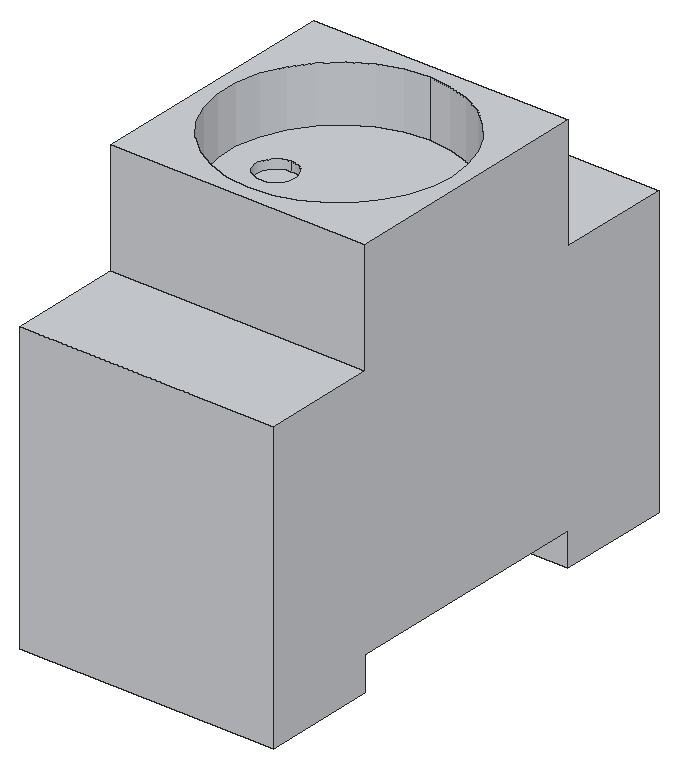
Revit family "Power-ModularDevices-GEWISS-90AM-SOCKET_OUTLET_DIN_DANISH", category Apparecchi elettrici, host Superficie, Revit 2016
Family settings
  Host = Superficie
  Mantenere orientamento annotazione = Sì
  Tipo di parte = Normale
  Quota connettore circolare = Usa diametro
  Numero OmniClass = 23.80.50.11
  Titolo OmniClass = Switches and Receptacles
  Taglio con vuoti quando caricato = No
  Condiviso = No
  Punto di calcolo locali = Sì
Parameters (values of type "GW96526 - DIN RAIL SOCKET DANISH STD 2P+E 16A 2,5M")
  Version file RFA = "18.0"
  URL = "https://www.gewiss.com/ww/en"
  Technical sheet = "https://www.gewiss.com/ww/en/search?q=GW96526"
  Standard = "Danish"
  SIMBOLO IN PIANTA [instance] = yes
  Realized by GEWISS S.p.A. = ""
  Rated voltage = "250Vac"
  Rated current (In) = "16 A"
  Default Elevation = 1219.2 mm
  Produttore = "GEWISS S.p.A."
  Number of poles = "2P+E"
  No. Chorus modules = "2,5"
  Modello = "GW96526"
  L_VERTICALE [instance] = 97.365 mm
  Installation = "DIN rail"
  Immagine tipo = GW96526.jpg
  IFC.TypeObject = ""
  IFC.ExportType = ""
  IFC.ExportAs = ""
  IDT = "83c4456a-7496-4f19-8f2b-66829eb0e3f0"
  IDF = "2632fc34-f28e-459f-b29d-9efd2be51521"
  Finitura = none
  Electrocod = "140                 "
  EAN code = "8011564441767"
  Descrizione = "DIN RAIL SOCKET DANISH STD 2P+E 16A 2,5M"
  DIST_BARRA DIN [instance] = 15 mm
  Catalogue Range = "90 AM"
  Catalogue = "POWER"
  COBie.Tagnumber = ""
  COBie.CreatedOn = ""
  COBie.CreatebBy = ""
  COBie.ComponentRegisterItemID = ""
  COBie.Component.TagNumber = ""
  COBie.Component.Space = ""
  COBie.Component.SerialNumber = ""
  COBie.Component.InstallationDate = ""
  COBie.Component.Description = ""
  COBie.Component.BarCode = ""
Reference planes
  plane 1 "Centro (Fronte/Retro)": y = 0
  plane 2: z = 0
  plane 3 "Centro (Sinistra/Destra)": x = 0
  plane 4: z = 15
  plane 5: through (0, 42.5, 60) normal (0, 0.9613, -0.2756)
  plane 6: through (0, -42.5, 60) normal (0, -0.9613, 0.2756)
Dimensions and locks
  "DIST_BARRA DIN": plane 4 to host face
  angle plane 5 to plane 1 "Centro (Fronte/Retro)" = 16.00°
  angle plane 1 "Centro (Fronte/Retro)" to plane 5 = 164.00°
  angle plane 6 to plane 4 = 106.00°
  aligned and locked: plane 2 to host face
  aligned and locked: level to host face
  aligned and locked: plane 3 "Centro (Sinistra/Destra)" to nested 1
  aligned and locked: plane 1 "Centro (Fronte/Retro)" to nested 1
  aligned and locked: nested 1 to plane 4
Automatic sketch dimensions
  host sketch curve to host sketch curve = 2438.4 mm  (x2)
Nested families
  nested 1: "GENERICO  - 90AM PRESA GUIDA DIN STANDARD DANESE" at (0, 0, 0), type "GENERICO  - 90AM PRESA GUIDA DIN STANDARD DANESE"
  nested 2: "CIV" at (0, 36.988, 0), visible <- "SIMBOLO IN PIANTA", type "CIV"
Connectors
  electrical at (0, 42.5, 34.5)
    settings: on nested 1, index 1, voltage 230 V, apparent load 0 VA, apparent load phase1 0 VA, apparent load phase2 0 VA, apparent load phase3 0 VA, power factor 1, load classification "Altro", number of poles 1, system type 31, power factor state 1, is connector primary yes, connector utility no, sub classification motor no, connector description ""
Definition of nested family "GENERICO  - 90AM PRESA GUIDA DIN STANDARD DANESE"
  Parameters (values of type "GENERICO  - 90AM PRESA GUIDA DIN STANDARD DANESE")
    h_barra din = if(Altezza barre = 1 mm, 69.9 mm, if(Altezza barre = 2 mm, 115.8 mm, 0 mm))  # 0 mm
    R = 20 mm  # constant formula
    H = if(AB_O = 1, AB_V, if(AB_O = 2, AB_H, 50.8 mm))  # 50.8 mm
    Finitura = none
    Dist barra din = 15 mm
    C = 65 mm
    B = 85 mm  # constant formula
    Altezza barre = 5 mm  # constant formula
    AB_V = 3 mm  # constant formula
    AB_H = 5 mm  # constant formula
    AB_O = 0  # constant formula
    A = 45 mm  # constant formula
  Reference planes
    plane 1 "Centro (Fronte/Retro)": y = 0
    plane 2: z = 0
    plane 3 "Centro (Sinistra/Destra)": x = 0
    plane 4: y = -42.5
    plane 5: y = 42.5
    plane 6: z = 15
    plane 7: z = 9
    plane 8 "top": z = 80
    plane 9 "incasso": z = 60
    plane 10: y = -22.5
    plane 11: y = 22.5
    plane 12: x = -22.5
    plane 13: x = 22.5
    plane 14: through (4267.2, -42.5, 9) normal (0, -0.1901, 0.9818)
    plane 15 "foro": z = 70
    plane 16: x = -11.25
    plane 17: x = 11.25
    plane 18: through (-22.5, -42.5, 1200) normal (-0.7547, -0.6561, 0)
    plane 19: through (-22.5, -42.5, 1200) normal (0.8988, -0.4384, 0)
    plane 20: through (22.5, -42.5, 1200) normal (-0.9397, 0.342, 0)
  Forms (mm)
    Extrusion 1, solid, material <- "Finitura"
      sketch origin (0, 0, 0) x (0, 1, 0) y (0, 0, 1)
        loop
          line (-22.5, 15) -> (22.5, 15) -> (22.5, 9) -> (42.5, 9) -> (42.5, 60) -> (22.5, 60) -> (22.5, 80) -> (-22.5, 80) -> (-22.5, 60) -> (-42.5, 60) -> (-42.5, 9) -> (-22.5, 9) -> (-22.5, 15)
      from -22.5 to 22.5
    Extrusion 2, void
      sketch origin (0, 0, 60) x (0, -1, 0) y (1, 0, 0)
        loop
          circle (0, 0) r 20
      from 10 to 20
    Extrusion 3, void
      sketch origin (0, 0, 60) x (0, -1, 0) y (1, 0, 0)
        loop
          circle (0, -11.25) r 3.434
        loop
          circle (0, 11.25) r 3.477
      from 8.36 to 10
    Extrusion 4, void
      sketch origin (0, 0, 60) x (0, -1, 0) y (1, 0, 0)
        loop
          arc (14.876, -2.847) -> (16.276, 0) -> (14.876, 2.847) r 3.596
          line (14.876, 2.847) -> (14.876, 4.316)
          arc (14.876, 4.316) -> (12.776, 5.128) -> (10.676, 4.316) r 3.124
          line (10.676, 4.316) -> (10.676, 2.985)
          arc (10.676, 2.985) -> (9.084, 0) -> (10.676, -2.985) r 3.596
          line (10.676, -2.985) -> (10.676, -4.316)
          arc (10.676, -4.316) -> (12.776, -5.128) -> (14.876, -4.316) r 3.124
          line (14.876, -4.316) -> (14.876, -2.847)
      from 8.36 to 10
  Cuts and joins
    Extrusion 2, Extrusion 3, Extrusion 4 cuts Extrusion 1
  Lines and regions (mm)
    symbolic lines
      curve 1: line (0, 0, 29) -> (0, 0, 9)
      curve 2: line (0, -22.5, 15) -> (0, 22.5, 15)
    model lines, not visible
      curve 3: line (224.303, 91.977, 74) -> (224.303, 136.977, 74)
      curve 4: line (154.303, 136.977, 74) -> (154.303, 91.977, 74)
      curve 5: line (224.303, 136.977, 74) -> (154.303, 136.977, 74)
      curve 6: line (224.303, 91.977, 74) -> (154.303, 91.977, 74)
      curve 7: line (208.303, 108.977, 74) -> (169.303, 108.977, 74)
      curve 8: line (169.303, 108.977, 74) -> (169.303, 125.977, 74)
      curve 9: line (169.303, 125.977, 74) -> (208.303, 125.977, 74)
      curve 10: line (208.303, 125.977, 74) -> (208.303, 108.977, 74)
      curve 192: line (95.035, 64.787, 59) -> (165.035, 64.787, 59)
      curve 193: line (165.035, 64.787, 59) -> (165.035, 84.787, 59)
      curve 194: line (95.035, 84.787, 59) -> (95.035, 64.787, 59)
      curve 195: line (165.035, 84.787, 59) -> (95.035, 84.787, 59)
      curve 204: line (159.024, 125.408, 59) -> (89.024, 125.408, 59)
      curve 205: line (159.024, 105.408, 59) -> (89.024, 105.408, 59)
      curve 206: line (159.024, 113.408, 59) -> (89.024, 113.408, 59)
      curve 207: line (121.484, 119.926, 59) -> (121.484, 118.591, 59)
      curve 208: line (121.484, 118.591, 59) -> (126.564, 118.591, 59)
      curve 209: line (126.564, 118.591, 59) -> (126.564, 119.926, 59)
      curve 210: line (128.168, 122.331, 59) -> (128.168, 119.926, 59)
      curve 211: line (128.168, 119.926, 59) -> (119.879, 119.926, 59)
      curve 212: line (119.879, 119.926, 59) -> (119.879, 122.331, 59)
      curve 213: line (119.879, 122.331, 59) -> (128.168, 122.331, 59)
    model lines, not visible, detail levels fine
      curve 11: line (158.803, 96.373, 74) -> (158.803, 94.178, 74)
      curve 12: line (158.803, 94.178, 74) -> (158.068, 94.178, 74)
      curve 13: line (158.068, 94.178, 74) -> (157.642, 94.232, 74)
      curve 14: line (157.642, 94.232, 74) -> (157.12, 94.463, 74)
      curve 15: line (157.12, 94.463, 74) -> (156.706, 94.847, 74)
      curve 16: line (156.706, 94.847, 74) -> (156.431, 95.365, 74)
      curve 17: line (156.431, 95.365, 74) -> (156.346, 95.917, 74)
      curve 18: line (156.346, 95.917, 74) -> (156.429, 96.426, 74)
      curve 19: line (156.429, 96.426, 74) -> (156.649, 96.875, 74)
      curve 20: line (156.649, 96.875, 74) -> (157.044, 97.285, 74)
      curve 21: line (157.044, 97.285, 74) -> (157.523, 97.533, 74)
      curve 22: line (157.523, 97.533, 74) -> (158.061, 97.622, 74)
      curve 23: line (158.061, 97.622, 74) -> (158.803, 97.622, 74)
      curve 24: line (158.803, 97.622, 74) -> (158.803, 96.676, 74)
      curve 25: line (158.803, 96.676, 74) -> (157.555, 96.676, 74)
      curve 26: line (157.555, 96.676, 74) -> (157.555, 95.124, 74)
      curve 27: line (157.555, 95.124, 74) -> (157.859, 95.124, 74)
      curve 28: line (157.859, 95.124, 74) -> (157.859, 96.373, 74)
      curve 29: line (157.859, 96.373, 74) -> (158.803, 96.373, 74)
      curve 30: line (161.774, 94.178, 74) -> (159.106, 94.178, 74)
      curve 31: line (159.106, 94.178, 74) -> (159.106, 97.622, 74)
      curve 32: line (159.106, 97.622, 74) -> (160.525, 97.622, 74)
      curve 33: line (160.525, 97.622, 74) -> (160.525, 96.676, 74)
      curve 34: line (160.525, 96.676, 74) -> (160.052, 96.676, 74)
      curve 35: line (160.052, 96.676, 74) -> (160.052, 96.373, 74)
      curve 36: line (160.052, 96.373, 74) -> (161.774, 96.373, 74)
      curve 37: line (161.774, 96.373, 74) -> (161.774, 95.427, 74)
      curve 38: line (161.774, 95.427, 74) -> (160.052, 95.427, 74)
      curve 39: line (160.052, 95.427, 74) -> (160.052, 95.124, 74)
      curve 40: line (160.052, 95.124, 74) -> (161.774, 95.124, 74)
      curve 41: line (161.774, 95.124, 74) -> (161.774, 94.178, 74)
      curve 42: line (166.599, 94.178, 74) -> (166.599, 96.373, 74)
      curve 43: line (166.599, 96.373, 74) -> (165.653, 96.373, 74)
      curve 44: line (165.653, 96.373, 74) -> (165.653, 94.178, 74)
      curve 45: line (165.653, 94.178, 74) -> (166.599, 94.178, 74)
      curve 46: line (163.43, 94.178, 74) -> (163.714, 95.597, 74)
      curve 47: line (163.714, 95.597, 74) -> (163.997, 94.178, 74)
      curve 48: line (163.997, 94.178, 74) -> (164.944, 94.178, 74)
      curve 49: line (164.944, 94.178, 74) -> (165.53, 96.676, 74)
      curve 50: line (165.53, 96.676, 74) -> (166.599, 96.676, 74)
      curve 51: line (166.599, 96.676, 74) -> (166.599, 97.622, 74)
      curve 52: line (166.599, 97.622, 74) -> (164.783, 97.622, 74)
      curve 53: line (164.783, 97.622, 74) -> (164.442, 96.165, 74)
      curve 54: line (164.442, 96.165, 74) -> (164.206, 97.622, 74)
      curve 55: line (164.206, 97.622, 74) -> (163.222, 97.622, 74)
      curve 56: line (163.222, 97.622, 74) -> (162.985, 96.165, 74)
      curve 57: line (162.985, 96.165, 74) -> (162.645, 97.622, 74)
      curve 58: line (162.645, 97.622, 74) -> (160.828, 97.622, 74)
      curve 59: line (160.828, 97.622, 74) -> (160.828, 96.676, 74)
      curve 60: line (160.828, 96.676, 74) -> (161.897, 96.676, 74)
      curve 61: line (161.897, 96.676, 74) -> (162.482, 94.178, 74)
      curve 62: line (162.482, 94.178, 74) -> (163.43, 94.178, 74)
      curve 63: line (169.57, 97.622, 74) -> (166.902, 97.622, 74)
      curve 64: line (166.902, 97.622, 74) -> (166.902, 95.427, 74)
      curve 65: line (166.902, 95.427, 74) -> (168.624, 95.427, 74)
      curve 66: line (168.624, 95.427, 74) -> (168.624, 95.124, 74)
      curve 67: line (168.624, 95.124, 74) -> (166.902, 95.124, 74)
      curve 68: line (166.902, 95.124, 74) -> (166.902, 94.178, 74)
      curve 69: line (166.902, 94.178, 74) -> (169.57, 94.178, 74)
      curve 70: line (169.57, 94.178, 74) -> (169.57, 96.373, 74)
      curve 71: line (169.57, 96.373, 74) -> (167.848, 96.373, 74)
      curve 72: line (167.848, 96.373, 74) -> (167.848, 96.676, 74)
      curve 73: line (167.848, 96.676, 74) -> (169.57, 96.676, 74)
      curve 74: line (169.57, 96.676, 74) -> (169.57, 97.622, 74)
      curve 75: line (169.873, 97.622, 74) -> (169.873, 95.427, 74)
      curve 76: line (169.873, 95.427, 74) -> (171.478, 95.427, 74)
      curve 77: line (171.478, 95.427, 74) -> (171.478, 95.124, 74)
      curve 78: line (171.478, 95.124, 74) -> (169.873, 95.124, 74)
      curve 79: line (169.873, 95.124, 74) -> (169.873, 94.178, 74)
      curve 80: line (169.873, 94.178, 74) -> (170.819, 94.178, 74)
      curve 81: line (170.819, 94.178, 74) -> (171.365, 94.354, 74)
      curve 82: line (171.365, 94.354, 74) -> (171.718, 94.584, 74)
      curve 83: line (171.718, 94.584, 74) -> (172.121, 95.079, 74)
      curve 84: line (172.121, 95.079, 74) -> (172.309, 95.635, 74)
      curve 85: line (172.309, 95.635, 74) -> (172.315, 96.128, 74)
      curve 86: line (172.315, 96.128, 74) -> (172.263, 96.373, 74)
      curve 87: line (172.263, 96.373, 74) -> (170.819, 96.373, 74)
      curve 88: line (170.819, 96.373, 74) -> (170.819, 96.676, 74)
      curve 89: line (170.819, 96.676, 74) -> (172.134, 96.676, 74)
      curve 90: line (172.134, 96.676, 74) -> (171.964, 96.962, 74)
      curve 91: line (171.964, 96.962, 74) -> (171.718, 97.217, 74)
      curve 92: line (171.718, 97.217, 74) -> (171.375, 97.442, 74)
      curve 93: line (171.375, 97.442, 74) -> (171.017, 97.573, 74)
      curve 94: line (171.017, 97.573, 74) -> (170.615, 97.622, 74)
      curve 95: line (170.615, 97.622, 74) -> (169.873, 97.622, 74)
    model lines, not visible, detail levels medium+fine
      curve 96: line (179.303, 95.702, 74) -> (180.69, 96.074, 74)
      curve 97: line (180.69, 96.074, 74) -> (181.706, 97.09, 74)
      curve 98: line (181.706, 97.09, 74) -> (182.077, 98.477, 74)
      curve 99: line (182.077, 98.477, 74) -> (181.706, 99.864, 74)
      curve 100: line (181.706, 99.864, 74) -> (180.69, 100.879, 74)
      curve 101: line (180.69, 100.879, 74) -> (179.303, 101.251, 74)
      curve 102: line (179.303, 101.251, 74) -> (177.916, 100.879, 74)
      curve 103: line (177.916, 100.879, 74) -> (176.9, 99.864, 74)
      curve 104: line (176.9, 99.864, 74) -> (176.529, 98.477, 74)
      curve 105: line (176.529, 98.477, 74) -> (176.9, 97.09, 74)
      curve 106: line (176.9, 97.09, 74) -> (177.916, 96.074, 74)
      curve 107: line (177.916, 96.074, 74) -> (179.303, 95.702, 74)
      curve 108: line (202.303, 95.702, 74) -> (203.69, 96.074, 74)
      curve 109: line (203.69, 96.074, 74) -> (204.706, 97.09, 74)
      curve 110: line (204.706, 97.09, 74) -> (205.077, 98.477, 74)
      curve 111: line (205.077, 98.477, 74) -> (204.706, 99.864, 74)
      curve 112: line (204.706, 99.864, 74) -> (203.69, 100.879, 74)
      curve 113: line (203.69, 100.879, 74) -> (202.303, 101.251, 74)
      curve 114: line (202.303, 101.251, 74) -> (200.916, 100.879, 74)
      curve 115: line (200.916, 100.879, 74) -> (199.9, 99.864, 74)
      curve 116: line (199.9, 99.864, 74) -> (199.529, 98.477, 74)
      curve 117: line (199.529, 98.477, 74) -> (199.9, 97.09, 74)
      curve 118: line (199.9, 97.09, 74) -> (200.916, 96.074, 74)
      curve 119: line (200.916, 96.074, 74) -> (202.303, 95.702, 74)
      curve 120: line (219.287, 129.534, 74) -> (220.062, 129.741, 74)
      curve 121: line (220.062, 129.741, 74) -> (220.629, 130.308, 74)
      curve 122: line (220.629, 130.308, 74) -> (220.836, 131.083, 74)
      curve 123: line (220.836, 131.083, 74) -> (220.629, 131.857, 74)
      curve 124: line (220.629, 131.857, 74) -> (220.062, 132.424, 74)
      curve 125: line (220.062, 132.424, 74) -> (219.287, 132.631, 74)
      curve 126: line (219.287, 132.631, 74) -> (218.513, 132.424, 74)
      curve 127: line (218.513, 132.424, 74) -> (217.946, 131.857, 74)
      curve 128: line (217.946, 131.857, 74) -> (217.739, 131.083, 74)
      curve 129: line (217.739, 131.083, 74) -> (217.946, 130.308, 74)
      curve 130: line (217.946, 130.308, 74) -> (218.513, 129.741, 74)
      curve 131: line (218.513, 129.741, 74) -> (219.287, 129.534, 74)
      curve 132: line (219.287, 123.534, 74) -> (220.062, 123.741, 74)
      curve 133: line (220.062, 123.741, 74) -> (220.629, 124.308, 74)
      curve 134: line (220.629, 124.308, 74) -> (220.836, 125.083, 74)
      curve 135: line (220.836, 125.083, 74) -> (220.629, 125.857, 74)
      curve 136: line (220.629, 125.857, 74) -> (220.062, 126.424, 74)
      curve 137: line (220.062, 126.424, 74) -> (219.287, 126.631, 74)
      curve 138: line (219.287, 126.631, 74) -> (218.513, 126.424, 74)
      curve 139: line (218.513, 126.424, 74) -> (217.946, 125.857, 74)
      curve 140: line (217.946, 125.857, 74) -> (217.739, 125.083, 74)
      curve 141: line (217.739, 125.083, 74) -> (217.946, 124.308, 74)
      curve 142: line (217.946, 124.308, 74) -> (218.513, 123.741, 74)
      curve 143: line (218.513, 123.741, 74) -> (219.287, 123.534, 74)
      curve 144: line (219.287, 117.534, 74) -> (220.062, 117.741, 74)
      curve 145: line (220.062, 117.741, 74) -> (220.629, 118.308, 74)
      curve 146: line (220.629, 118.308, 74) -> (220.836, 119.083, 74)
      curve 147: line (220.836, 119.083, 74) -> (220.629, 119.857, 74)
      curve 148: line (220.629, 119.857, 74) -> (220.062, 120.424, 74)
      curve 149: line (220.062, 120.424, 74) -> (219.287, 120.631, 74)
      curve 150: line (219.287, 120.631, 74) -> (218.513, 120.424, 74)
      curve 151: line (218.513, 120.424, 74) -> (217.946, 119.857, 74)
      curve 152: line (217.946, 119.857, 74) -> (217.739, 119.083, 74)
      curve 153: line (217.739, 119.083, 74) -> (217.946, 118.308, 74)
      curve 154: line (217.946, 118.308, 74) -> (218.513, 117.741, 74)
      curve 155: line (218.513, 117.741, 74) -> (219.287, 117.534, 74)
      curve 156: line (219.287, 111.534, 74) -> (220.062, 111.741, 74)
      curve 157: line (220.062, 111.741, 74) -> (220.629, 112.308, 74)
      curve 158: line (220.629, 112.308, 74) -> (220.836, 113.083, 74)
      curve 159: line (220.836, 113.083, 74) -> (220.629, 113.857, 74)
      curve 160: line (220.629, 113.857, 74) -> (220.062, 114.424, 74)
      curve 161: line (220.062, 114.424, 74) -> (219.287, 114.631, 74)
      curve 162: line (219.287, 114.631, 74) -> (218.513, 114.424, 74)
      curve 163: line (218.513, 114.424, 74) -> (217.946, 113.857, 74)
      curve 164: line (217.946, 113.857, 74) -> (217.739, 113.083, 74)
      curve 165: line (217.739, 113.083, 74) -> (217.946, 112.308, 74)
      curve 166: line (217.946, 112.308, 74) -> (218.513, 111.741, 74)
      curve 167: line (218.513, 111.741, 74) -> (219.287, 111.534, 74)
      curve 168: line (219.287, 105.534, 74) -> (220.062, 105.741, 74)
      curve 169: line (220.062, 105.741, 74) -> (220.629, 106.308, 74)
      curve 170: line (220.629, 106.308, 74) -> (220.836, 107.083, 74)
      curve 171: line (220.836, 107.083, 74) -> (220.629, 107.857, 74)
      curve 172: line (220.629, 107.857, 74) -> (220.062, 108.424, 74)
      curve 173: line (220.062, 108.424, 74) -> (219.287, 108.631, 74)
      curve 174: line (219.287, 108.631, 74) -> (218.513, 108.424, 74)
      curve 175: line (218.513, 108.424, 74) -> (217.946, 107.857, 74)
      curve 176: line (217.946, 107.857, 74) -> (217.739, 107.083, 74)
      curve 177: line (217.739, 107.083, 74) -> (217.946, 106.308, 74)
      curve 178: line (217.946, 106.308, 74) -> (218.513, 105.741, 74)
      curve 179: line (218.513, 105.741, 74) -> (219.287, 105.534, 74)
      curve 180: line (219.287, 99.534, 74) -> (220.062, 99.741, 74)
      curve 181: line (220.062, 99.741, 74) -> (220.629, 100.308, 74)
      curve 182: line (220.629, 100.308, 74) -> (220.836, 101.083, 74)
      curve 183: line (220.836, 101.083, 74) -> (220.629, 101.857, 74)
      curve 184: line (220.629, 101.857, 74) -> (220.062, 102.424, 74)
      curve 185: line (220.062, 102.424, 74) -> (219.287, 102.631, 74)
      curve 186: line (219.287, 102.631, 74) -> (218.513, 102.424, 74)
      curve 187: line (218.513, 102.424, 74) -> (217.946, 101.857, 74)
      curve 188: line (217.946, 101.857, 74) -> (217.739, 101.083, 74)
      curve 189: line (217.739, 101.083, 74) -> (217.946, 100.308, 74)
      curve 190: line (217.946, 100.308, 74) -> (218.513, 99.741, 74)
      curve 191: line (218.513, 99.741, 74) -> (219.287, 99.534, 74)
      curve 196: line (165.035, 76.787, 59) -> (95.035, 76.787, 59)
      curve 197: line (127.495, 70.269, 59) -> (127.495, 71.605, 59)
      curve 198: line (127.495, 71.605, 59) -> (132.575, 71.605, 59)
      curve 199: line (132.575, 71.605, 59) -> (132.575, 70.269, 59)
      curve 200: line (134.18, 67.864, 59) -> (134.18, 70.269, 59)
      curve 201: line (134.18, 70.269, 59) -> (125.891, 70.269, 59)
      curve 202: line (125.891, 70.269, 59) -> (125.891, 67.864, 59)
      curve 203: line (125.891, 67.864, 59) -> (134.18, 67.864, 59)
    model lines, detail levels fine
      curve 214: line (-19.935, -20.65, 80) -> (-20.099, -20.634, 80)
      curve 215: line (-20.099, -20.634, 80) -> (-20.256, -20.586, 80)
      curve 216: line (-20.256, -20.586, 80) -> (-20.402, -20.509, 80)
      curve 217: line (-20.402, -20.509, 80) -> (-20.529, -20.404, 80)
      curve 218: line (-20.529, -20.404, 80) -> (-20.633, -20.277, 80)
      curve 219: line (-20.633, -20.277, 80) -> (-20.711, -20.132, 80)
      curve 220: line (-20.711, -20.132, 80) -> (-20.759, -19.974, 80)
      curve 221: line (-20.759, -19.974, 80) -> (-20.775, -19.81, 80)
      curve 222: line (-20.775, -19.81, 80) -> (-20.759, -19.646, 80)
      curve 223: line (-20.759, -19.646, 80) -> (-20.711, -19.489, 80)
      curve 224: line (-20.711, -19.489, 80) -> (-20.633, -19.344, 80)
      curve 225: line (-20.633, -19.344, 80) -> (-20.529, -19.216, 80)
      curve 226: line (-20.529, -19.216, 80) -> (-20.402, -19.112, 80)
      curve 227: line (-20.402, -19.112, 80) -> (-20.256, -19.034, 80)
      curve 228: line (-20.256, -19.034, 80) -> (-20.099, -18.986, 80)
      curve 229: line (-20.099, -18.986, 80) -> (-19.935, -18.97, 80)
      curve 230: line (-19.935, -18.97, 80) -> (-19.495, -18.97, 80)
      curve 231: line (-19.495, -18.97, 80) -> (-19.495, -19.45, 80)
      curve 232: line (-19.495, -19.45, 80) -> (-20.135, -19.45, 80)
      curve 233: line (-20.135, -19.45, 80) -> (-20.135, -20.17, 80)
      curve 234: line (-20.015, -20.17, 80) -> (-20.015, -19.57, 80)
      curve 235: line (-20.015, -19.57, 80) -> (-19.495, -19.57, 80)
      curve 236: line (-19.495, -19.57, 80) -> (-19.495, -20.65, 80)
      curve 237: line (-19.495, -20.65, 80) -> (-19.935, -20.65, 80)
      curve 238: line (-19.375, -20.65, 80) -> (-18.095, -20.65, 80)
      curve 239: line (-18.095, -20.65, 80) -> (-18.095, -20.17, 80)
      curve 240: line (-18.095, -20.17, 80) -> (-18.855, -20.17, 80)
      curve 241: line (-18.855, -20.05, 80) -> (-18.095, -20.05, 80)
      curve 242: line (-18.095, -20.05, 80) -> (-18.095, -19.57, 80)
      curve 243: line (-18.095, -19.57, 80) -> (-18.855, -19.57, 80)
      curve 244: line (-18.855, -19.45, 80) -> (-18.655, -19.45, 80)
      curve 245: line (-18.655, -19.45, 80) -> (-18.655, -18.97, 80)
      curve 246: line (-18.655, -18.97, 80) -> (-19.375, -18.97, 80)
      curve 247: line (-19.375, -18.97, 80) -> (-19.375, -20.65, 80)
      curve 248: line (-17.282, -20.65, 80) -> (-17.775, -20.65, 80)
      curve 249: line (-17.775, -20.65, 80) -> (-18.055, -19.45, 80)
      curve 250: line (-18.055, -19.45, 80) -> (-18.535, -19.45, 80)
      curve 251: line (-18.535, -19.45, 80) -> (-18.535, -18.97, 80)
      curve 252: line (-18.535, -18.97, 80) -> (-17.674, -18.97, 80)
      curve 253: line (-17.674, -18.97, 80) -> (-17.489, -19.766, 80)
      curve 254: line (-17.489, -19.766, 80) -> (-17.329, -18.97, 80)
      curve 255: line (-17.329, -18.97, 80) -> (-16.849, -18.97, 80)
      curve 256: line (-16.849, -18.97, 80) -> (-16.677, -19.711, 80)
      curve 257: line (-16.677, -19.711, 80) -> (-16.529, -18.97, 80)
      curve 258: line (-16.529, -18.97, 80) -> (-15.575, -18.97, 80)
      curve 259: line (-15.575, -18.97, 80) -> (-15.575, -19.45, 80)
      curve 260: line (-15.575, -19.45, 80) -> (-16.135, -19.45, 80)
      curve 261: line (-16.135, -19.45, 80) -> (-16.375, -20.65, 80)
      curve 262: line (-16.375, -20.65, 80) -> (-16.865, -20.65, 80)
      curve 263: line (-16.865, -20.65, 80) -> (-17.089, -19.687, 80)
      curve 264: line (-17.089, -19.687, 80) -> (-17.282, -20.65, 80)
      curve 265: line (-15.575, -19.57, 80) -> (-16.055, -19.57, 80)
      curve 266: line (-16.055, -19.57, 80) -> (-16.055, -20.65, 80)
      curve 267: line (-16.055, -20.65, 80) -> (-15.575, -20.65, 80)
      curve 268: line (-15.575, -20.65, 80) -> (-15.575, -19.57, 80)
      curve 269: line (-15.455, -20.65, 80) -> (-14.175, -20.65, 80)
      curve 270: line (-14.175, -20.65, 80) -> (-14.175, -19.57, 80)
      curve 271: line (-14.175, -19.57, 80) -> (-14.935, -19.57, 80)
      curve 272: line (-14.935, -19.45, 80) -> (-14.175, -19.45, 80)
      curve 273: line (-14.175, -19.45, 80) -> (-14.175, -18.97, 80)
      curve 274: line (-14.175, -18.97, 80) -> (-15.455, -18.97, 80)
      curve 275: line (-15.455, -18.97, 80) -> (-15.455, -20.05, 80)
      curve 276: line (-15.455, -20.05, 80) -> (-14.695, -20.05, 80)
      curve 277: line (-14.695, -20.17, 80) -> (-15.455, -20.17, 80)
      curve 278: line (-15.455, -20.17, 80) -> (-15.455, -20.65, 80)
      curve 279: line (-13.615, -20.65, 80) -> (-13.451, -20.634, 80)
      curve 280: line (-13.451, -20.634, 80) -> (-13.294, -20.586, 80)
      curve 281: line (-13.294, -20.586, 80) -> (-13.148, -20.509, 80)
      curve 282: line (-13.148, -20.509, 80) -> (-13.021, -20.404, 80)
      curve 283: line (-13.021, -20.404, 80) -> (-12.917, -20.277, 80)
      curve 284: line (-12.917, -20.277, 80) -> (-12.839, -20.132, 80)
      curve 285: line (-12.839, -20.132, 80) -> (-12.791, -19.974, 80)
      curve 286: line (-12.791, -19.974, 80) -> (-12.775, -19.81, 80)
      curve 287: line (-12.81, -19.57, 80) -> (-13.535, -19.57, 80)
      curve 288: line (-13.535, -19.45, 80) -> (-12.856, -19.45, 80)
      curve 289: line (-12.856, -19.45, 80) -> (-12.956, -19.29, 80)
      curve 290: line (-12.956, -19.29, 80) -> (-13.089, -19.155, 80)
      curve 291: line (-13.089, -19.155, 80) -> (-13.249, -19.054, 80)
      curve 292: line (-13.249, -19.054, 80) -> (-13.427, -18.991, 80)
      curve 293: line (-13.427, -18.991, 80) -> (-13.615, -18.97, 80)
      curve 294: line (-13.615, -18.97, 80) -> (-14.055, -18.97, 80)
      curve 295: line (-14.055, -18.97, 80) -> (-14.055, -20.05, 80)
      curve 296: line (-14.055, -20.05, 80) -> (-13.415, -20.05, 80)
      curve 297: line (-13.415, -20.17, 80) -> (-14.055, -20.17, 80)
      curve 298: line (-14.055, -20.17, 80) -> (-14.055, -20.65, 80)
      curve 299: line (-14.055, -20.65, 80) -> (-13.615, -20.65, 80)
      curve 300: line (2.023, 35.453, 60) -> (-0.077, 35.453, 60)
      curve 301: line (-0.077, 35.453, 60) -> (-2.177, 35.453, 60)
      curve 302: line (1.373, 34.153, 60) -> (-0.077, 34.153, 60)
      curve 303: line (-0.077, 34.153, 60) -> (-1.527, 34.153, 60)
      curve 304: line (2.673, 36.753, 60) -> (-0.077, 36.753, 60)
      curve 305: line (-0.077, 36.753, 60) -> (-2.827, 36.753, 60)
      curve 306: line (-0.05, 37.09, 60) -> (-0.05, 39.603, 60)
      curve 307: line (-0.077, 33.156, 60) -> (1.721, 33.638, 60)
      curve 308: line (1.721, 33.638, 60) -> (3.038, 34.955, 60)
      curve 309: line (3.038, 34.955, 60) -> (3.52, 36.753, 60)
      curve 310: line (3.52, 36.753, 60) -> (3.038, 38.551, 60)
      curve 311: line (3.038, 38.551, 60) -> (1.721, 39.868, 60)
      curve 312: line (1.721, 39.868, 60) -> (-0.077, 40.349, 60)
      curve 313: line (-0.077, 40.349, 60) -> (-1.875, 39.868, 60)
      curve 314: line (-1.875, 39.868, 60) -> (-3.192, 38.551, 60)
      curve 315: line (-3.192, 38.551, 60) -> (-3.673, 36.753, 60)
      curve 316: line (-3.673, 36.753, 60) -> (-3.192, 34.955, 60)
      curve 317: line (-3.192, 34.955, 60) -> (-1.875, 33.638, 60)
      curve 318: line (-1.875, 33.638, 60) -> (-0.077, 33.156, 60)
    model lines, detail levels medium+fine
      curve 319: circle (-0.111, 28.342, 60) r 3.325 normal (0, 0, 1)
      curve 320: circle (-10.736, -29.756, 60) r 3.325 normal (0, 0, 1)
      curve 321: circle (10.736, -29.756, 60) r 3.325 normal (0, 0, -1)
  Text (mm)
    text "AB_V" at (0, 50.868, 44.72), in view "Destra"
    text "AB_O" at (0, -80.659, 111.963), in view "Destra"
    text "AB_0" at (-72.795, 64.852, 0), in view "Livello rif."
    text "AB_V" at (36.811, 11.393, 0), in view "Livello rif."
  Dimensions and locks
    equal spacing: plane 4, plane 1 "Centro (Fronte/Retro)", plane 5
    "B": plane 4 to plane 5
    "Dist barra din": plane 6 to level
    locked: plane 6 to plane 7 at 6
    "C": plane 8 "top" to plane 6
    locked: plane 8 "top" to plane 9 "incasso" at 20
    equal spacing: plane 10, plane 1 "Centro (Fronte/Retro)", plane 11
    plane 10 to plane 11 = 45 mm
    equal spacing: plane 12, plane 3 "Centro (Sinistra/Destra)", plane 13
    "A": plane 12 to plane 13
    locked: plane 15 "foro" to plane 9 "incasso" at 10
    "R": radius of Extrusion 2 sketch curve
    angle level to plane 14 = 10.9557°
    angle plane 4 to plane 8 "top" = 90.00°
    angle plane 20 to plane 18 = 61.00°
    angle plane 20 to plane 19 = 174.00°
    angle plane 19 to plane 4 = 116.00°
    aligned and locked: level to plane 2
    aligned and locked: Extrusion 1 sketch curve to plane 6
    aligned and locked: Extrusion 1 sketch curve to plane 7
    aligned and locked: Extrusion 1 sketch curve to plane 4
    aligned and locked: Extrusion 1 sketch curve to plane 9 "incasso"
    aligned and locked: Extrusion 1 sketch curve to plane 8 "top"
    aligned and locked: Extrusion 1 sketch curve to plane 11  (x2)
    aligned and locked: Extrusion 1 sketch curve to plane 5
    aligned and locked: Extrusion 1 sketch curve to plane 10  (x2)
    aligned and locked: plane 1 "Centro (Fronte/Retro)" to curve 1
    aligned and locked: Extrusion 1 to plane 6
    aligned and locked: Extrusion 1 to plane 12
    aligned and locked: plane 13 to Extrusion 1
    aligned and locked: plane 9 "incasso" to Extrusion 1
    aligned and locked: curve 2 to plane 6
    aligned and locked: plane 3 "Centro (Sinistra/Destra)" to Extrusion 2 sketch curve
    aligned and locked: plane 1 "Centro (Fronte/Retro)" to Extrusion 2 sketch curve
    aligned and locked: Extrusion 2 to plane 15 "foro"
    aligned and locked: plane 8 "top" to Extrusion 2
    aligned and locked: Extrusion 3 to Extrusion 2
    aligned and locked: Extrusion 4 to Extrusion 2
  Automatic sketch dimensions
    plane 1 "Centro (Fronte/Retro)" to Extrusion 3 sketch curve = 0 mm  (x2)
    Extrusion 3 sketch curve to plane 16 = 0 mm
    Extrusion 3 sketch curve to plane 17 = 0 mm
    Extrusion 4 sketch curve to plane 3 "Centro (Sinistra/Destra)" = 0 mm
    plane 10 to Extrusion 4 sketch curve = 9.82 mm
    Extrusion 4 sketch curve to Extrusion 4 sketch curve = 0.096 mm  (x2)
    Extrusion 4 sketch curve to plane 3 "Centro (Sinistra/Destra)" = 2.004 mm
    plane 3 "Centro (Sinistra/Destra)" to Extrusion 4 sketch curve = 2.004 mm
    Extrusion 4 sketch curve to Extrusion 4 sketch curve = 1.331 mm  (x2)
    Extrusion 4 sketch curve to Extrusion 4 sketch curve = 1.469 mm  (x2)
    Extrusion 4 sketch curve to Extrusion 4 sketch curve = 0 mm  (x2)
    Extrusion 4 sketch curve to Extrusion 4 sketch curve = 2.1 mm  (x3)
    Extrusion 4 sketch curve to Extrusion 4 sketch curve = 0.844 mm
    curve 2 to plane 10 = 0 mm
    curve 2 to plane 11 = 0 mm
    curve 1 to plane 7 = 0 mm
    plane 6 to curve 1 = 14 mm
    Extrusion 1 sketch curve to plane 7 = 0 mm
    Extrusion 1 sketch curve to plane 9 "incasso" = 0 mm
    curve 312 to plane 3 "Centro (Sinistra/Destra)" = 0.077 mm
    curve 312 to plane 5 = 2.151 mm
    curve 312 to curve 312 = 0.482 mm
    curve 312 to curve 313 = 0.482 mm
    curve 313 to curve 314 = 1.316 mm
    curve 311 to curve 311 = 1.316 mm
    curve 314 to curve 315 = 1.798 mm
    curve 305 to plane 3 "Centro (Sinistra/Destra)" = 0.077 mm
    curve 306 to curve 305 = 2.85 mm
    curve 304 to curve 310 = 0 mm
    curve 301 to plane 3 "Centro (Sinistra/Destra)" = 0.077 mm
    curve 304 to curve 301 = 1.3 mm
    plane 3 "Centro (Sinistra/Destra)" to curve 308 = 3.038 mm
    curve 300 to curve 308 = 0.498 mm
    curve 317 to plane 3 "Centro (Sinistra/Destra)" = 3.192 mm
    curve 301 to curve 317 = 0.498 mm
    curve 303 to plane 3 "Centro (Sinistra/Destra)" = 0.077 mm
    curve 300 to curve 303 = 1.3 mm
    plane 3 "Centro (Sinistra/Destra)" to curve 307 = 1.721 mm
    curve 302 to curve 307 = 0.515 mm
    curve 317 to plane 3 "Centro (Sinistra/Destra)" = 1.875 mm
    curve 303 to curve 317 = 0.515 mm
    curve 307 to plane 3 "Centro (Sinistra/Destra)" = 0.077 mm
    curve 302 to curve 307 = 0.997 mm
    curve 319 to plane 3 "Centro (Sinistra/Destra)" = 0.111 mm
    curve 307 to curve 319 = 4.814 mm
    curve 321 to plane 17 = 0.514 mm
    curve 321 to plane 10 = 7.256 mm
    curve 320 to plane 16 = 0.514 mm
    curve 320 to plane 10 = 7.256 mm
    curve 315 to curve 316 = 0.482 mm
    curve 315 to curve 315 = 0.482 mm
    curve 314 to curve 306 = 1.825 mm
    plane 3 "Centro (Sinistra/Destra)" to curve 311 = 1.721 mm
    curve 311 to curve 310 = 1.316 mm
    curve 310 to curve 309 = 0.482 mm
    curve 306 to curve 304 = 0.337 mm
    curve 315 to curve 305 = 0.847 mm
    curve 316 to curve 301 = 1.015 mm
    curve 317 to curve 303 = 0.348 mm
    curve 302 to curve 307 = 0.348 mm
    curve 300 to curve 308 = 1.015 mm
    curve 304 to curve 309 = 0.847 mm
    curve 306 to plane 3 "Centro (Sinistra/Destra)" = 0.05 mm
    curve 312 to curve 306 = 0.747 mm
    Extrusion 1 to curve 214 = 2.565 mm
    curve 214 to Extrusion 1 = 1.85 mm
    curve 278 to curve 298 = 0 mm
    curve 268 to curve 269 = 0 mm
    curve 264 to curve 266 = 0 mm
    curve 264 to curve 263 = 0 mm
    curve 214 to curve 247 = 0 mm
    curve 239 to curve 248 = 0 mm
    Extrusion 1 to curve 214 = 2.401 mm
    curve 214 to curve 214 = 0.016 mm
    curve 279 to curve 280 = 0.016 mm
    curve 280 to curve 280 = 0.048 mm
    Extrusion 1 to curve 216 = 2.244 mm
    curve 214 to curve 216 = 0.048 mm
    Extrusion 1 to curve 217 = 2.098 mm
    curve 215 to curve 217 = 0.078 mm
    curve 280 to curve 282 = 0.078 mm
    Extrusion 1 to curve 218 = 1.971 mm
    curve 216 to curve 218 = 0.104 mm
    curve 281 to curve 282 = 0.104 mm
    curve 282 to curve 284 = 0.127 mm
    curve 217 to curve 218 = 0.127 mm
    Extrusion 1 to curve 219 = 1.867 mm
    curve 269 to curve 277 = 0.48 mm
    curve 214 to curve 234 = 0.464 mm
    curve 238 to curve 239 = 0.48 mm
    curve 298 to curve 298 = 0.48 mm
    curve 233 to curve 234 = 0 mm
    curve 283 to curve 285 = 0.145 mm
    Extrusion 1 to curve 219 = 1.789 mm
    curve 218 to curve 219 = 0.145 mm
    curve 297 to curve 296 = 0.12 mm
    curve 277 to curve 276 = 0.12 mm
    curve 239 to curve 241 = 0.12 mm
    curve 284 to curve 285 = 0.158 mm
    Extrusion 1 to curve 220 = 1.741 mm
    curve 219 to curve 220 = 0.158 mm
    Extrusion 1 to curve 221 = 1.725 mm
    curve 220 to curve 221 = 0.164 mm
    curve 285 to curve 286 = 0.164 mm
    curve 241 to curve 254 = 0.284 mm
    curve 253 to curve 257 = 0.055 mm
    curve 253 to curve 264 = 0.079 mm
    Extrusion 1 to curve 222 = 1.741 mm
    curve 221 to curve 222 = 0.164 mm
    curve 234 to curve 234 = 0.6 mm
    curve 241 to curve 242 = 0.48 mm
    curve 286 to curve 287 = 0.24 mm
    curve 276 to curve 271 = 0.48 mm
    curve 256 to curve 265 = 0.14 mm
    curve 222 to curve 223 = 0.158 mm
    Extrusion 1 to curve 224 = 1.789 mm
    curve 287 to curve 288 = 0.12 mm
    curve 243 to curve 250 = 0.12 mm
    curve 244 to curve 250 = 0 mm
    curve 265 to curve 261 = 0.12 mm
    curve 271 to curve 272 = 0.12 mm
    curve 234 to curve 232 = 0.12 mm
    Extrusion 1 to curve 225 = 1.867 mm
    curve 223 to curve 225 = 0.145 mm
    curve 288 to curve 290 = 0.161 mm
    curve 224 to curve 226 = 0.127 mm
    Extrusion 1 to curve 225 = 1.971 mm
    curve 289 to curve 290 = 0.134 mm
    Extrusion 1 to curve 226 = 2.098 mm
    curve 225 to curve 226 = 0.104 mm
    curve 290 to curve 291 = 0.101 mm
    Extrusion 1 to curve 228 = 2.244 mm
    curve 226 to curve 228 = 0.078 mm
    curve 291 to curve 293 = 0.063 mm
    curve 227 to curve 228 = 0.048 mm
    Extrusion 1 to curve 229 = 2.401 mm
    curve 259 to curve 275 = 0.48 mm
    curve 250 to curve 251 = 0.48 mm
    curve 252 to curve 254 = 0 mm
    curve 231 to curve 247 = 0.48 mm
    curve 258 to curve 274 = 0 mm
    curve 292 to curve 293 = 0.021 mm
    curve 231 to curve 246 = 0 mm
    curve 232 to curve 229 = 0.44 mm
    curve 235 to curve 231 = 0 mm
    curve 246 to curve 230 = 0.12 mm
    curve 243 to curve 235 = 0.64 mm
    curve 244 to curve 243 = 0 mm
    curve 240 to curve 243 = 0 mm
    curve 241 to curve 240 = 0 mm
    curve 245 to curve 244 = 0.2 mm
    curve 251 to curve 244 = 0.12 mm
    curve 240 to curve 240 = 0.76 mm
    curve 242 to curve 239 = 0 mm
    curve 250 to curve 242 = 0.04 mm
    curve 248 to curve 238 = 0.32 mm
    curve 253 to curve 249 = 0.381 mm
    curve 254 to curve 242 = 0.607 mm
    curve 255 to curve 252 = 0.345 mm
    curve 248 to curve 248 = 0.493 mm
    curve 263 to curve 253 = 0.399 mm
    curve 262 to curve 248 = 0.418 mm
    curve 256 to curve 254 = 0.48 mm
    curve 256 to curve 263 = 0.413 mm
    curve 258 to curve 255 = 0.321 mm
    curve 261 to curve 262 = 0.49 mm
    curve 260 to curve 256 = 0.542 mm
    curve 265 to curve 260 = 0.08 mm
    curve 260 to curve 265 = 0.48 mm
    curve 265 to curve 260 = 0 mm
    curve 269 to curve 267 = 0.12 mm
    curve 275 to curve 258 = 0.12 mm
    curve 271 to curve 265 = 0.64 mm
    curve 272 to curve 271 = 0 mm
    curve 276 to curve 271 = 0.24 mm
    curve 277 to curve 276 = 0 mm
    curve 274 to curve 272 = 0.76 mm
    curve 271 to curve 272 = 0 mm
    curve 294 to curve 273 = 0.12 mm
    curve 296 to curve 297 = 0 mm
    curve 294 to curve 294 = 0.44 mm
    curve 279 to curve 298 = 0.44 mm
    curve 287 to curve 293 = 0.08 mm
    curve 288 to curve 287 = 0 mm
    curve 279 to curve 279 = 0.164 mm
    curve 293 to curve 293 = 0.188 mm
    curve 296 to curve 287 = 0.12 mm
    curve 297 to curve 296 = 0 mm
    curve 280 to curve 280 = 0.158 mm
    curve 292 to curve 293 = 0.178 mm
    curve 281 to curve 280 = 0.145 mm
    curve 291 to curve 291 = 0.16 mm
    curve 282 to curve 281 = 0.127 mm
    curve 289 to curve 290 = 0.133 mm
    curve 283 to curve 282 = 0.104 mm
    curve 289 to curve 290 = 0.1 mm
    curve 284 to curve 283 = 0.078 mm
    curve 287 to curve 288 = 0.046 mm
    curve 285 to curve 284 = 0.048 mm
    curve 286 to curve 285 = 0.016 mm
    curve 235 to curve 235 = 0.52 mm
    curve 234 to curve 214 = 0.084 mm
    curve 234 to curve 233 = 0.12 mm
    radius of Extrusion 3 sketch curve = 3.434 mm
    radius of Extrusion 3 sketch curve = 3.477 mm
    radius of curve 319 = 3.325 mm
    radius of curve 320 = 3.325 mm
    radius of curve 321 = 3.325 mm
Definition of nested family "CIV"
  Reference planes
    plane 1: y = 0
    plane 2: x = 0
  Lines and regions (mm)
    detail lines
      curve 1: line (0.827, 3.664, 0) -> (0.579, 3.664, 0)
      curve 2: line (0.579, 3.664, 0) -> (0.538, 3.457, 0)
      curve 3: line (0.538, 3.457, 0) -> (0.455, 3.291, 0)
      curve 4: line (0.455, 3.291, 0) -> (0.248, 3.126, 0)
      curve 5: line (0.248, 3.126, 0) -> (0, 3.085, 0)
      curve 6: line (0, 3.085, 0) -> (-0.248, 3.126, 0)
      curve 7: line (-0.248, 3.126, 0) -> (-0.455, 3.291, 0)
      curve 8: line (-0.455, 3.291, 0) -> (-0.537, 3.457, 0)
      curve 9: line (-0.537, 3.457, 0) -> (-0.579, 3.664, 0)
      curve 10: line (-0.579, 3.664, 0) -> (-0.827, 3.664, 0)
      curve 11: line (0, 1.947, 0) -> (0, 3.085, 0)
